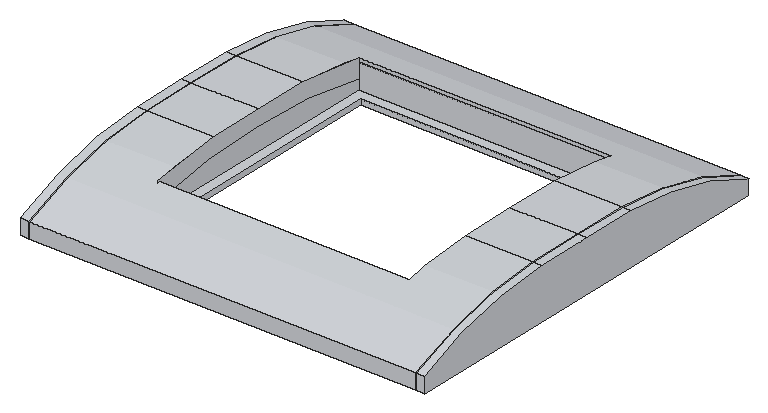
Revit family "Gira_0211763", category Electrical Fixtures, host Face, Revit 2017
Family settings
  Host = Face
  Maintain Annotation Orientation = No
  Round Connector Dimension = Use Diameter
  Part Type = Normal
  Cut with Voids When Loaded = No
  Shared = No
  Room Calculation Point = No
Parameters (values of type "Cov.fr. 1-g interm.fr. PW Gira Event Clear brown")
  With mounting grid = "No"
  With hinged lid = "No"
  URL = "http://katalog.gira.de/en/datenblatt.html?artikelnr=0211763"
  Type of fastening = "Other"
  Transparent = "No"
  Surface protection = "Other"
  Surface finishing = "Glossy"
  Suitable for wall duct = "No"
  Suitable for flush-mounted installation = "Yes"
  Suitable for floor box = "No"
  Suitable for built-in installation = "No"
  Number of units vertical = "1"
  Number of units horizontal = "1"
  Number of units = "1"
  Name = "Cov.fr. 1-g interm.fr. PW Gira Event Clear brown"
  Mounting direction = "Horizontal and vertical"
  Material quality = "Thermoplastic"
  Material = "Plastic"
  Manufacturer URL = "https://www.gira.de/"
  Manufacturer = "Gira"
  Label space/information surface = "No"
  Keynote = ""
  HeinzeBIM = "https://bimportal.heinze.de/bim/cov-fr-1-g-interm-fr-pw-gira-event-clear-brown/031d05efc35f87a2f556ebff33add017f72beeb0"
  Halogen free = "Yes"
  HAN = "0211763"
  GTIN = "4010337069355"
  Description = "Cov.fr.1g i.fr.PW EvCl BN,Gira Event Clear cover frame,brown with pure white glossy intermediate frame,1-gang,Features:,- Shatter-proof."
  Degree of protection (IP) = "IP20"
  Default Elevation = 1219.2 mm
  Data sheet (1) = "https://katalog.gira.de/en/download.html?artikelnr=0211763"
  Colour = "Brown"
  Category = "Cover frame for domestic switching devices"
  BIM (1) = "https://media.stage.bim.site/public/gira/36a6b08/Event_Rahmen_1fach.rfa"
  Available = "No"
Reference planes
  plane 1 "Center (Front/Back)": y = 0
  plane 2: z = 0
  plane 3 "Center (Left/Right)": x = 0
Forms (mm)
  Extrusion 1, solid, detail levels fine
    sketch origin (0, 0, 1.55) x (0, 1, 0) y (0, 0, 1)
      loop
        arc (12.445, 9.683) -> (6.223, 9.833) -> (0, 9.85) r 291.636
        arc (0, 9.85) -> (-6.223, 9.833) -> (-12.445, 9.683) r 291.636
        arc (-12.445, 9.683) -> (-29.14, 7.482) -> (-45, 1.823) r 79.728
        line (-45, 1.823) -> (-45, -1.55) -> (-41.777, -1.55) -> (-41.777, -0.55)
        arc (-41.777, -0.55) -> (-21.205, 4.846) -> (0, 6.467) r 118.15
        arc (0, 6.467) -> (21.205, 4.846) -> (41.777, -0.55) r 118.15
        line (41.777, -0.55) -> (41.777, -1.55) -> (45, -1.55) -> (45, 1.823)
        arc (45, 1.823) -> (29.14, 7.482) -> (12.445, 9.683) r 79.728
    from -43 to 43
  Extrusion 2, void, detail levels fine
    sketch origin (0, 0, 0) x (1, 0, 0) y (0, 1, 0)
      loop
        line (-28, -28) -> (28, -28) -> (28, 28) -> (-28, 28) -> (-28, -28)
    from 2.85 to 12
  Extrusion 3, solid, detail levels coarse
    sketch origin (0, 0, 0) x (1, 0, 0) y (0, 1, 0)
      loop
        line (-45, 45) -> (-45, -45) -> (45, -45) -> (45, 45) -> (-45, 45)
    from 0 to 11.4
  Extrusion 4, solid, detail levels medium
    sketch origin (0, 0, 1.55) x (0, 1, 0) y (0, 0, 1)
      loop
        arc (12.445, 9.683) -> (6.223, 9.833) -> (0, 9.85) r 291.636
        arc (0, 9.85) -> (-6.223, 9.833) -> (-12.445, 9.683) r 291.636
        arc (-12.445, 9.683) -> (-29.14, 7.482) -> (-45, 1.823) r 79.728
        line (-45, 1.823) -> (-45, -1.55) -> (45, -1.55) -> (45, 1.823)
        arc (45, 1.823) -> (29.14, 7.482) -> (12.445, 9.683) r 79.728
    from -45 to 45
  Extrusion 5, solid, detail levels fine
    sketch origin (0, 0, 0) x (0, 1, 0) y (0, 0, 1)
      loop
        arc (45, 3.373) -> (29.14, 9.032) -> (12.445, 11.233) r 79.728
        arc (12.445, 11.233) -> (6.223, 11.383) -> (0, 11.4) r 291.636
        arc (0, 11.4) -> (-6.223, 11.383) -> (-12.445, 11.233) r 291.636
        arc (-12.445, 11.233) -> (-29.14, 9.032) -> (-45, 3.373) r 79.728
        line (-45, 3.373) -> (-45, 0) -> (45, 0) -> (45, 3.373)
    from 43 to 45
  Extrusion 6, solid, detail levels fine
    sketch origin (0, 0, 0) x (0, 1, 0) y (0, 0, -1)
      loop
        line (45, -3.373) -> (45, 0) -> (-45, 0) -> (-45, -3.373)
        arc (-45, -3.373) -> (-29.14, -9.032) -> (-12.445, -11.233) r 79.728
        arc (-12.445, -11.233) -> (-6.223, -11.383) -> (0, -11.4) r 291.636
        arc (0, -11.4) -> (6.223, -11.383) -> (12.445, -11.233) r 291.636
        arc (12.445, -11.233) -> (29.14, -9.032) -> (45, -3.373) r 79.728
    from 43 to 45
  Extrusion 7, solid, detail levels fine
    sketch origin (0, 0, 0) x (1, 0, 0) y (0, 1, 0)
      loop
        line (-25.7, 25.7) -> (-25.7, -25.7) -> (25.7, -25.7) -> (25.7, 25.7) -> (-25.7, 25.7)
      loop
        line (-29.495, 27.895) -> (-29.495, -27.895)
        spline (-29.495, -27.895) -> (-29.486, -28.025) -> (-29.461, -28.154) -> (-29.419, -28.278) -> (-29.361, -28.395) -> (-29.288, -28.504) -> (-29.202, -28.602) -> (-29.104, -28.688) -> (-28.995, -28.761) -> (-28.878, -28.819) -> (-28.754, -28.861) -> (-28.625, -28.886) -> (-28.495, -28.895)
        line (-28.495, -28.895) -> (28.495, -28.895)
        spline (28.495, -28.895) -> (28.625, -28.886) -> (28.754, -28.861) -> (28.878, -28.819) -> (28.995, -28.761) -> (29.104, -28.688) -> (29.202, -28.602) -> (29.288, -28.504) -> (29.361, -28.395) -> (29.419, -28.278) -> (29.461, -28.154) -> (29.486, -28.025) -> (29.495, -27.895)
        line (29.495, -27.895) -> (29.495, 27.895)
        spline (29.495, 27.895) -> (29.486, 28.025) -> (29.461, 28.154) -> (29.419, 28.278) -> (29.361, 28.395) -> (29.288, 28.504) -> (29.202, 28.602) -> (29.104, 28.688) -> (28.995, 28.761) -> (28.878, 28.819) -> (28.754, 28.861) -> (28.625, 28.886) -> (28.495, 28.895)
        line (28.495, 28.895) -> (-28.495, 28.895)
        spline (-28.495, 28.895) -> (-28.625, 28.886) -> (-28.754, 28.861) -> (-28.878, 28.819) -> (-28.995, 28.761) -> (-29.104, 28.688) -> (-29.202, 28.602) -> (-29.288, 28.504) -> (-29.361, 28.395) -> (-29.419, 28.278) -> (-29.461, 28.154) -> (-29.486, 28.025) -> (-29.495, 27.895)
    from 1.673 to 8.5
Cuts and joins
  Extrusion 2 cuts Extrusion 1
  Extrusion 2 cuts Extrusion 7
Dimensions and locks
  aligned and locked: plane 2 to host face
  aligned and locked: level to host face
